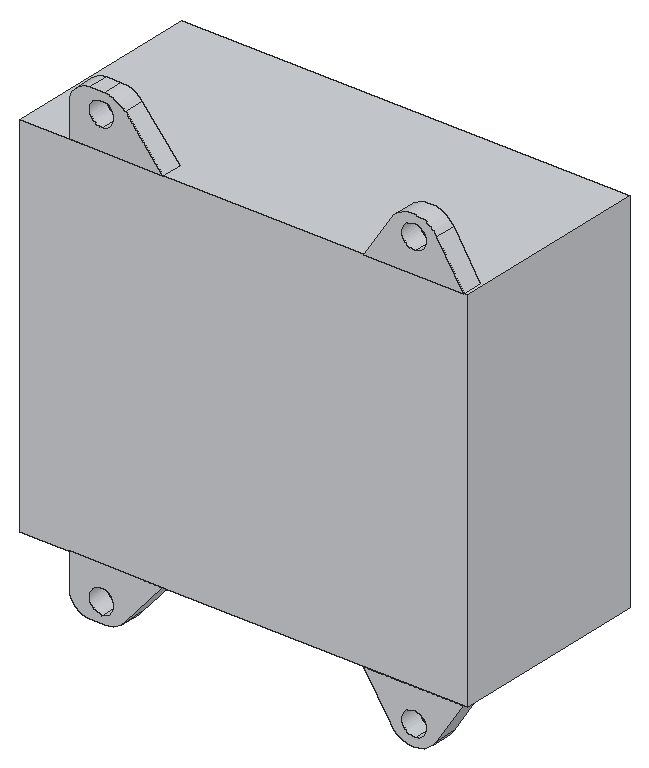
Revit family "Power-MouldedCaseDevices-GEWISS-97MSS-SWITCH_DISCONNECTOR_125", category Apparecchi elettrici, host Muro, Revit 2016
Family settings
  Host = Muro
  Mantenere orientamento annotazione = Sì
  Tipo di parte = Normale
  Quota connettore circolare = Usa diametro
  Numero OmniClass = 23.80.30.00
  Titolo OmniClass = Distribution Devices
  Sempre verticale = Sì
  Taglio con vuoti quando caricato = No
  Condiviso = No
  Punto di calcolo locali = Sì
Parameters (values of type "GW97726 - SWITCH DISCONNECTOR MSS 125 4P 125A")
  Version file RFA = "18.0"
  URL = "https://www.gewiss.com/ww/en"
  Technical sheet = "https://www.gewiss.com/ww/en/search?q=GW97726"
  SEO = "Disconnector"
  Realized by GEWISS S.p.A. = ""
  Rated voltage = "400V"
  Rated current: = "125A"
  Rated current (In) = "125A"
  Produttore = "GEWISS S.p.A."
  Number of poles = "4P"
  No. of poles = "4P"
  No. of modules EN 50022 = "6"
  No. Chorus modules = "6"
  Modello = "GW97726"
  Label = "MSS 125"
  Immagine tipo = GW97726.jpg
  IFC.TypeObject = ""
  IFC.ExportType = ""
  IFC.ExportAs = ""
  IDT = "bc1ed70b-553e-473f-adfe-2a6bdbceff6d"
  IDF = "0625bfaf-6454-4439-8049-c923d73cca22"
  GW - Codice Electrocod = "150"
  EAN code = "8011564211469"
  Descrizione = "SWITCH DISCONNECTOR MSS 125 4P 125A"
  Catalogue Range = "97 MSS"
  Catalogue = "POWER"
  COBie.Tagnumber = ""
  COBie.CreatedOn = ""
  COBie.CreatebBy = ""
  COBie.ComponentRegisterItemID = ""
  COBie.Component.TagNumber = ""
  COBie.Component.Space = ""
  COBie.Component.SerialNumber = ""
  COBie.Component.InstallationDate = ""
  COBie.Component.Description = ""
  COBie.Component.BarCode = ""
Types (6, lengths in mm): name | Technical sheet | Rated current: | Rated current (In) | Number of poles | No. of poles | Modello | Immagine tipo | IDT | EAN code | Descrizione
  GW97726 - SWITCH DISCONNECTOR MSS 125 4P 125A | "https://www.gewiss.com/ww/en/search?q=GW97726" | "125A" | "125A" | "4P" | "4P" | "GW97726" | GW97726.jpg | "bc1ed70b-553e-473f-adfe-2a6bdbceff6d" | "8011564211469" | "SWITCH DISCONNECTOR MSS 125 4P 125A"
  GW97725 - SWITCH DISCONNECTOR MSS 125 4P 100A | "https://www.gewiss.com/ww/en/search?q=GW97725" | "100A" | "100A" | "4P" | "4P" | "GW97725" | GW97725.jpg | "40ae9535-df2a-4de1-bcc8-9a2d033af5f8" | "8011564211452" | "SWITCH DISCONNECTOR MSS 125 4P 100A"
  GW97724 - SWITCH DISCONNECTOR MSS 125 4P 63A | "https://www.gewiss.com/ww/en/search?q=GW97724" | "63A" | "63A" | "4P" | "4P" | "GW97724" | GW97724.jpg | "344ce370-68d8-465c-a0d4-3dfd8e98e9c4" | "8011564211445" | "SWITCH DISCONNECTOR MSS 125 4P 63A"
  GW97723 - SWITCH DISCONNECTOR MSS 125 3P 125A | "https://www.gewiss.com/ww/en/search?q=GW97723" | "125A" | "125A" | "3P" | "3P" | "GW97723" | GW97723.jpg | "f9d9136c-2ff8-471a-a868-6f11316e34f0" | "8011564211438" | "SWITCH DISCONNECTOR MSS 125 3P 125A"
  GW97722 - SWITCH DISCONNECTOR MSS 125 3P 100A | "https://www.gewiss.com/ww/en/search?q=GW97722" | "100A" | "100A" | "3P" | "3P" | "GW97722" | GW97722.jpg | "4a5cea18-49f9-4ee8-8fed-4b723af5d4ef" | "8011564211421" | "SWITCH DISCONNECTOR MSS 125 3P 100A"
  GW97721 - SWITCH DISCONNECTOR MSS 125 3P 63A | "https://www.gewiss.com/ww/en/search?q=GW97721" | "63A" | "63A" | "3P" | "3P" | "GW97721" | GW97721.jpg | "67ddb0d2-a3c3-4936-a9b5-411216ac7c48" | "8011564211414" | "SWITCH DISCONNECTOR MSS 125 3P 63A"
Reference planes
  plane 1 "Muro": y = 0
  plane 2 "Centro (Sinistra/Destra)": x = 125
  plane 3 "Indietro": y = 75
Text (mm)
  text "Lato posizionamento" at (-1848.837, 1116.779, 0), in view "Livello rif."
  text "Lato posizionamento" at (0, 1409.804, 2854.306), in view "Sinistra"
  text "Lato posizionamento" at (0, 499.811, 2980.732), in view "Destra"
Dimensions and locks
  locked: plane 3 "Indietro" to host wall
  aligned and locked: plane 1 "Muro" to host wall
  aligned and locked: nested 1 to plane 2 "Centro (Sinistra/Destra)"
Nested families
  nested 1: "GENERICO -MSS125 SEZIONATORI ROTATIVI 125A" at (125, 75, 456.543) x (-1, 0, 0) z (0, 0, 1), type "GENERICO -MSS125 SEZIONATORI ROTATIVI 125A"
Definition of nested family "GENERICO -MSS125 SEZIONATORI ROTATIVI 125A"
  Parameters (values of type "GENERICO -MSS125 SEZIONATORI ROTATIVI 125A")
    h_barra din = if(Altezza barre = 1 mm, 69.9 mm, if(Altezza barre = 2 mm, 115.8 mm, 0 mm))  # 0 mm
    TIPO = 15
    Default Elevation = 1219.2 mm
    Type Image = element 34739
    IFC.TypeObject = ""
    IFC.ExportType = ""
    IFC.ExportAs = ""
    H = if(AB_O = 1, AB_V, if(AB_O = 2, AB_H, 50.8 mm))  # 50.8 mm
    GW96815 = TIPO = 15  # yes
    GW96814 = TIPO = 0  # no
    GW96813 = TIPO = 13  # no
    GW96810 = TIPO = 10  # no
    GW - Tipo = "Forma \"L\" 4P"
    GW - Installazione = "Piastra/guida DIN"
    GW - Descrizione = "BDR 160 FORMA \"L\" (MTX/E 160) 4P"
    GW - Costruttore = "GEWISS"
    GW - Codice Electrocod = "1511"
    GW - Codice = "GWD8245"
    GW - Catalogo = "POWER"
    GW - Caratteristiche = "Regolabile"
    GW - Adatto per = "MTX/E 160"
    GEWISS URL = "http://www.gewiss.com/prv/it_IT/index.html"
    GEWISS SCHEDA TECNICA = "http://pro.gewiss.com/irj/portal/?NavigationTarget=pcd:portal_content/com.gewiss.ZPPFDMain/com.gewiss.ZPPFDITMain/com.gewiss.ZPPFDITMainDefault/com.gewiss.ZPPFDITPages/com.gewiss.ZPPFDITPagesAP/com.gewiss.ZPPFDITPagesAPCatalogo/com.gewiss.ZPPPDITAPProductDetail&codProd=GWD8245"
    Dist barra din = 0 mm  # constant formula
    COBie.CreatedOn = ""
    COBie.CreatebBy = ""
    COBie.ComponentRegisterItemID = ""
    COBie.Component.TagNumber = ""
    COBie.Component.Space = ""
    COBie.Component.SerialNumber = ""
    COBie.Component.InstallationDate = ""
    COBie.Component.Description = ""
    COBie.Component.BarCode = ""
    C1 = 49 mm  # constant formula
    C = 50 mm  # constant formula
    B1 = 187 mm
    B = 89 mm  # constant formula
    Altezza barre = 5 mm  # constant formula
    AB_V = 3 mm  # constant formula
    AB_H = 5 mm  # constant formula
    AB_O = 0  # constant formula
    A2 = 120 mm  # constant formula
    A = 108 mm  # constant formula
  Reference planes
    plane 1 "Centro (Fronte/Retro)": y = 0
    plane 2: z = 0
    plane 3 "Centro (Sinistra/Destra)": x = 0
    plane 4: x = -54
    plane 5: x = 54
    plane 6: z = 119
    plane 7: z = 75
    plane 8 "C1": y = -49
    plane 9: y = -44
    plane 10: z = 30
    plane 11: y = -5
  Forms (mm)
    Extrusion 1, solid
      sketch origin (0, -25, 0) x (0, 0, 1) y (1, 0, 0)
        loop
          line (119, 54) -> (30, 54) -> (30, -54) -> (119, -54) -> (119, 54)
      from -24 to 25
    Extrusion 2, solid
      sketch origin (36.853, -49, -24.52) x (0, 0, 1) y (1, 0, 0)
        loop
          circle (100.454, -71.284) r 15
      from -3.053 to 5
    Extrusion 3, solid
      sketch origin (36.853, -49, -28.27) x (0, 0, 1) y (1, 0, 0)
        loop
          line (99.064, -62.185) -> (96.031, -65.246) -> (94.575, -67.987) -> (93.908, -72.128) -> (94.709, -75.966) -> (96.456, -78.905) -> (99.675, -81.575) -> (102.92, -82.754) -> (107.207, -82.754) -> (109.575, -82.009) -> (112.099, -80.465) -> (114.077, -78.383) -> (115.497, -75.765) -> (116.204, -72.48) -> (115.827, -68.848) -> (114.421, -65.719) -> (112.28, -63.288) -> (111.064, -62.552) -> (111.064, -19.801) -> (99.064, -19.801) -> (99.064, -62.185)
      from -6.808 to -3.053
    Extrusion 4, solid
      sketch origin (0, -49, 0) x (0, 0, 1) y (1, 0, 0)
        loop
          arc (129.032, -46.662) -> (132.112, -41.038) -> (129.032, -35.413) r 6.675
          line (129.032, -35.413) -> (119, -29.002) -> (119, -53.074) -> (129.032, -46.662)
        loop
          line (119, 19.457) -> (129.627, 28.479)
          arc (129.627, 28.479) -> (131.378, 30.782) -> (132, 33.608) r 6.727
          line (132, 33.608) -> (132, 37)
          arc (132, 37) -> (130.536, 40.536) -> (127, 42) r 5
          line (127, 42) -> (119, 42) -> (119, 19.457)
        loop
          circle (127.157, -41.227) r 2.958
        loop
          circle (127.218, 34.184) r 2.958
        loop
          line (19.968, -46.662) -> (30, -53.074) -> (30, -29.002) -> (19.968, -35.413)
          arc (19.968, -35.413) -> (16.888, -41.038) -> (19.968, -46.662) r 6.675
        loop
          line (30, 19.457) -> (30, 42) -> (22, 42)
          arc (22, 42) -> (18.464, 40.536) -> (17, 37) r 5
          line (17, 37) -> (17, 33.608)
          arc (17, 33.608) -> (17.622, 30.782) -> (19.373, 28.479) r 6.727
          line (19.373, 28.479) -> (30, 19.457)
        loop
          circle (21.843, -41.227) r 2.958
        loop
          circle (21.782, 34.184) r 2.958
      from 44 to 49
  Lines and regions (mm)
    model lines, detail levels fine
      curve 1: line (5.741, -49, 45.444) -> (5.741, -49, 37.806)
      curve 2: line (5.741, -49, 37.806) -> (3.182, -49, 37.806)
      curve 3: line (3.182, -49, 37.806) -> (1.699, -49, 37.993)
      curve 4: line (1.699, -49, 37.993) -> (-0.117, -49, 38.797)
      curve 5: line (-0.117, -49, 38.797) -> (-1.559, -49, 40.135)
      curve 6: line (-1.559, -49, 40.135) -> (-2.514, -49, 41.938)
      curve 7: line (-2.514, -49, 41.938) -> (-2.81, -49, 43.859)
      curve 8: line (-2.81, -49, 43.859) -> (-2.523, -49, 45.63)
      curve 9: line (-2.523, -49, 45.63) -> (-1.757, -49, 47.192)
      curve 10: line (-1.757, -49, 47.192) -> (-0.38, -49, 48.617)
      curve 11: line (-0.38, -49, 48.617) -> (1.284, -49, 49.483)
      curve 12: line (1.284, -49, 49.483) -> (3.157, -49, 49.791)
      curve 13: line (3.157, -49, 49.791) -> (5.741, -49, 49.791)
      curve 14: line (5.741, -49, 49.791) -> (5.741, -49, 46.498)
      curve 15: line (5.741, -49, 46.498) -> (1.395, -49, 46.498)
      curve 16: line (1.395, -49, 46.498) -> (1.395, -49, 41.099)
      curve 17: line (1.395, -49, 41.099) -> (2.453, -49, 41.099)
      curve 18: line (2.453, -49, 41.099) -> (2.453, -49, 45.444)
      curve 19: line (2.453, -49, 45.444) -> (5.741, -49, 45.444)
      curve 20: line (16.08, -49, 37.806) -> (6.796, -49, 37.806)
      curve 21: line (6.796, -49, 37.806) -> (6.796, -49, 49.791)
      curve 22: line (6.796, -49, 49.791) -> (11.734, -49, 49.791)
      curve 23: line (11.734, -49, 49.791) -> (11.734, -49, 46.499)
      curve 24: line (11.734, -49, 46.499) -> (10.086, -49, 46.499)
      curve 25: line (10.086, -49, 46.499) -> (10.086, -49, 45.446)
      curve 26: line (10.086, -49, 45.446) -> (16.08, -49, 45.446)
      curve 27: line (16.08, -49, 45.446) -> (16.08, -49, 42.152)
      curve 28: line (16.08, -49, 42.152) -> (10.088, -49, 42.152)
      curve 29: line (10.088, -49, 42.152) -> (10.088, -49, 41.099)
      curve 30: line (10.088, -49, 41.099) -> (16.08, -49, 41.099)
      curve 31: line (16.08, -49, 41.099) -> (16.08, -49, 37.806)
      curve 32: line (32.872, -49, 37.806) -> (32.872, -49, 45.445)
      curve 33: line (32.872, -49, 45.445) -> (29.58, -49, 45.445)
      curve 34: line (29.58, -49, 45.445) -> (29.58, -49, 37.806)
      curve 35: line (29.58, -49, 37.806) -> (32.872, -49, 37.806)
      curve 36: line (21.842, -49, 37.806) -> (22.83, -49, 42.745)
      curve 37: line (22.83, -49, 42.745) -> (23.818, -49, 37.806)
      curve 38: line (23.818, -49, 37.806) -> (27.11, -49, 37.806)
      curve 39: line (27.11, -49, 37.806) -> (29.152, -49, 46.498)
      curve 40: line (29.152, -49, 46.498) -> (32.872, -49, 46.498)
      curve 41: line (32.872, -49, 46.498) -> (32.872, -49, 49.791)
      curve 42: line (32.872, -49, 49.791) -> (26.551, -49, 49.791)
      curve 43: line (26.551, -49, 49.791) -> (25.365, -49, 44.721)
      curve 44: line (25.365, -49, 44.721) -> (24.542, -49, 49.791)
      curve 45: line (24.542, -49, 49.791) -> (21.118, -49, 49.791)
      curve 46: line (21.118, -49, 49.791) -> (20.295, -49, 44.721)
      curve 47: line (20.295, -49, 44.721) -> (19.109, -49, 49.791)
      curve 48: line (19.109, -49, 49.791) -> (12.788, -49, 49.791)
      curve 49: line (12.788, -49, 49.791) -> (12.788, -49, 46.498)
      curve 50: line (12.788, -49, 46.498) -> (16.508, -49, 46.498)
      curve 51: line (16.508, -49, 46.498) -> (18.545, -49, 37.806)
      curve 52: line (18.545, -49, 37.806) -> (21.842, -49, 37.806)
      curve 53: line (43.211, -49, 49.791) -> (33.926, -49, 49.791)
      curve 54: line (33.926, -49, 49.791) -> (33.926, -49, 42.153)
      curve 55: line (33.926, -49, 42.153) -> (39.919, -49, 42.153)
      curve 56: line (39.919, -49, 42.153) -> (39.919, -49, 41.099)
      curve 57: line (39.919, -49, 41.099) -> (33.926, -49, 41.099)
      curve 58: line (33.926, -49, 41.099) -> (33.926, -49, 37.806)
      curve 59: line (33.926, -49, 37.806) -> (43.211, -49, 37.806)
      curve 60: line (43.211, -49, 37.806) -> (43.211, -49, 45.445)
      curve 61: line (43.211, -49, 45.445) -> (37.219, -49, 45.445)
      curve 62: line (37.219, -49, 45.445) -> (37.219, -49, 46.498)
      curve 63: line (37.219, -49, 46.498) -> (43.211, -49, 46.498)
      curve 64: line (43.211, -49, 46.498) -> (43.211, -49, 49.791)
      curve 65: line (44.265, -49, 49.791) -> (44.265, -49, 42.153)
      curve 66: line (44.265, -49, 42.153) -> (49.853, -49, 42.153)
      curve 67: line (49.853, -49, 42.153) -> (49.853, -49, 41.099)
      curve 68: line (49.853, -49, 41.099) -> (44.265, -49, 41.099)
      curve 69: line (44.265, -49, 41.099) -> (44.265, -49, 37.806)
      curve 70: line (44.265, -49, 37.806) -> (47.557, -49, 37.806)
      curve 71: line (47.557, -49, 37.806) -> (49.459, -49, 38.417)
      curve 72: line (49.459, -49, 38.417) -> (50.686, -49, 39.217)
      curve 73: line (50.686, -49, 39.217) -> (52.091, -49, 40.941)
      curve 74: line (52.091, -49, 40.941) -> (52.745, -49, 42.875)
      curve 75: line (52.745, -49, 42.875) -> (52.764, -49, 44.592)
      curve 76: line (52.764, -49, 44.592) -> (52.586, -49, 45.445)
      curve 77: line (52.586, -49, 45.445) -> (47.557, -49, 45.445)
      curve 78: line (47.557, -49, 45.445) -> (47.557, -49, 46.498)
      curve 79: line (47.557, -49, 46.498) -> (52.137, -49, 46.498)
      curve 80: line (52.137, -49, 46.498) -> (51.542, -49, 47.494)
      curve 81: line (51.542, -49, 47.494) -> (50.686, -49, 48.381)
      curve 82: line (50.686, -49, 48.381) -> (49.494, -49, 49.164)
      curve 83: line (49.494, -49, 49.164) -> (48.249, -49, 49.62)
      curve 84: line (48.249, -49, 49.62) -> (46.849, -49, 49.791)
      curve 85: line (46.849, -49, 49.791) -> (44.265, -49, 49.791)
  Dimensions and locks
    equal spacing: plane 5, plane 3 "Centro (Sinistra/Destra)", plane 4
    "A": plane 5 to plane 4
    "C1": plane 8 "C1" to plane 1 "Centro (Fronte/Retro)"
    locked: plane 8 "C1" to plane 9 at 5
    plane 10 to level = 30 mm
    "B": plane 6 to plane 10
    locked: plane 7 to plane 10 at 45
    locked: plane 11 to plane 1 "Centro (Fronte/Retro)" at 5
    locked: Extrusion 2 to plane 8 "C1" at 3.053
    aligned and locked: level to plane 2
    aligned and locked: Extrusion 1 sketch curve to plane 4
    aligned and locked: plane 5 to Extrusion 1 sketch curve
    aligned and locked: plane 6 to Extrusion 1 sketch curve
    aligned and locked: Extrusion 1 to plane 8 "C1"
    aligned and locked: Extrusion 1 to plane 1 "Centro (Fronte/Retro)"
    aligned and locked: plane 10 to Extrusion 1 sketch curve
    aligned and locked: Extrusion 2 to plane 9
    aligned and locked: plane 11 to Extrusion 4
    aligned and locked: Extrusion 4 to plane 1 "Centro (Fronte/Retro)"
  Automatic sketch dimensions
    Extrusion 2 sketch curve to plane 7 = 0.934 mm
    Extrusion 2 sketch curve to plane 3 "Centro (Sinistra/Destra)" = 34.431 mm
    Extrusion 3 sketch curve to Extrusion 3 sketch curve = 0.667 mm
    Extrusion 3 sketch curve to Extrusion 3 sketch curve = 1.456 mm
    Extrusion 3 sketch curve to plane 3 "Centro (Sinistra/Destra)" = 42.052 mm
    Extrusion 3 sketch curve to Extrusion 3 sketch curve = 1.747 mm
    plane 7 to Extrusion 3 sketch curve = 4.206 mm
    Extrusion 3 sketch curve to plane 3 "Centro (Sinistra/Destra)" = 44.722 mm
    Extrusion 3 sketch curve to Extrusion 3 sketch curve = 3.219 mm
    Extrusion 3 sketch curve to plane 3 "Centro (Sinistra/Destra)" = 45.901 mm
    plane 7 to Extrusion 3 sketch curve = 0.35 mm
    Extrusion 3 sketch curve to plane 7 = 3.937 mm
    Extrusion 3 sketch curve to plane 3 "Centro (Sinistra/Destra)" = 45.156 mm
    Extrusion 3 sketch curve to Extrusion 3 sketch curve = 2.368 mm
    Extrusion 3 sketch curve to plane 7 = 7.794 mm
    Extrusion 3 sketch curve to plane 3 "Centro (Sinistra/Destra)" = 43.612 mm
    Extrusion 3 sketch curve to Extrusion 3 sketch curve = 2.523 mm
    Extrusion 3 sketch curve to Extrusion 3 sketch curve = 1.217 mm
    Extrusion 3 sketch curve to Extrusion 3 sketch curve = 1.978 mm
    Extrusion 3 sketch curve to Extrusion 3 sketch curve = 2.141 mm
    Extrusion 3 sketch curve to Extrusion 3 sketch curve = 1.42 mm
    Extrusion 3 sketch curve to Extrusion 3 sketch curve = 1.405 mm
    Extrusion 3 sketch curve to Extrusion 3 sketch curve = 0.707 mm
    Extrusion 3 sketch curve to Extrusion 3 sketch curve = 2.082 mm
    Extrusion 3 sketch curve to Extrusion 3 sketch curve = 2.618 mm
    Extrusion 3 sketch curve to Extrusion 3 sketch curve = 3.284 mm
    Extrusion 3 sketch curve to Extrusion 3 sketch curve = 3.838 mm
    Extrusion 3 sketch curve to Extrusion 3 sketch curve = 3.632 mm
    Extrusion 3 sketch curve to Extrusion 3 sketch curve = 4.141 mm
    Extrusion 3 sketch curve to Extrusion 3 sketch curve = 3.13 mm
    Extrusion 3 sketch curve to Extrusion 3 sketch curve = 2.741 mm
    Extrusion 3 sketch curve to Extrusion 3 sketch curve = 2.431 mm
    Extrusion 3 sketch curve to Extrusion 3 sketch curve = 0.736 mm
    Extrusion 3 sketch curve to Extrusion 3 sketch curve = 3.061 mm
    Extrusion 3 sketch curve to Extrusion 3 sketch curve = 6.464 mm
    Extrusion 3 sketch curve to Extrusion 3 sketch curve = 3.033 mm
    Extrusion 3 sketch curve to Extrusion 3 sketch curve = 2.94 mm
    Extrusion 3 sketch curve to Extrusion 3 sketch curve = 42.384 mm
    Extrusion 4 sketch curve to plane 10 = 0 mm  (x2)
    Extrusion 4 sketch curve to plane 6 = 0 mm  (x2)
    plane 10 to Extrusion 4 sketch curve = 6.273 mm
    plane 10 to Extrusion 4 sketch curve = 6.437 mm
    Extrusion 4 sketch curve to Extrusion 4 sketch curve = 1.727 mm
    Extrusion 4 sketch curve to Extrusion 4 sketch curve = 1.72 mm  (x2)
    Extrusion 4 sketch curve to Extrusion 4 sketch curve = 1.946 mm  (x2)
    Extrusion 4 sketch curve to Extrusion 4 sketch curve = 1.875 mm  (x4)
    Extrusion 4 sketch curve to Extrusion 4 sketch curve = 2.408 mm  (x2)
    Extrusion 4 sketch curve to Extrusion 4 sketch curve = 5 mm
    plane 6 to Extrusion 4 sketch curve = 6.273 mm
    plane 6 to Extrusion 4 sketch curve = 6.437 mm
    Extrusion 4 sketch curve to Extrusion 4 sketch curve = 8 mm
    Extrusion 4 sketch curve to Extrusion 4 sketch curve = 4.782 mm
    plane 4 to Extrusion 4 sketch curve = 0.926 mm  (x2)
    plane 4 to Extrusion 4 sketch curve = 7.338 mm  (x2)
    Extrusion 4 sketch curve to Extrusion 4 sketch curve = 5.435 mm  (x2)
    Extrusion 4 sketch curve to Extrusion 4 sketch curve = 0.189 mm  (x2)
    Extrusion 4 sketch curve to Extrusion 4 sketch curve = 6.412 mm  (x2)
    plane 3 "Centro (Sinistra/Destra)" to Extrusion 4 sketch curve = 19.457 mm  (x2)
    Extrusion 4 sketch curve to Extrusion 4 sketch curve = 9.023 mm  (x2)
    Extrusion 4 sketch curve to Extrusion 4 sketch curve = 0.577 mm  (x2)
    Extrusion 4 sketch curve to Extrusion 4 sketch curve = 3.392 mm
    Extrusion 4 sketch curve to Extrusion 4 sketch curve = 2.816 mm
    curve 21 to plane 10 = 7.806 mm
    curve 52 to curve 20 = 0 mm
    curve 39 to curve 36 = 0 mm
    curve 35 to curve 38 = 0 mm
    curve 58 to curve 32 = 0 mm
    curve 69 to curve 59 = 0 mm
    curve 20 to curve 1 = 0 mm
    plane 3 "Centro (Sinistra/Destra)" to curve 3 = 3.182 mm
    curve 1 to curve 3 = 0 mm
    plane 3 "Centro (Sinistra/Destra)" to curve 3 = 1.699 mm
    curve 3 to curve 3 = 0.187 mm
    curve 70 to curve 71 = 0.611 mm
    curve 5 to plane 3 "Centro (Sinistra/Destra)" = 0.117 mm
    curve 3 to curve 5 = 0.804 mm
    curve 72 to plane 5 = 3.314 mm
    curve 71 to curve 72 = 0.8 mm
    curve 5 to plane 3 "Centro (Sinistra/Destra)" = 1.559 mm
    curve 4 to curve 5 = 1.338 mm
    curve 73 to plane 5 = 1.909 mm
    curve 72 to curve 73 = 1.724 mm
    curve 4 to curve 16 = 2.302 mm
    curve 72 to curve 68 = 1.882 mm
    curve 56 to curve 68 = 0 mm
    curve 20 to curve 31 = 3.293 mm
    curve 7 to plane 3 "Centro (Sinistra/Destra)" = 2.514 mm
    curve 5 to curve 7 = 1.804 mm
    curve 30 to curve 27 = 1.053 mm
    curve 57 to curve 54 = 1.053 mm
    curve 68 to curve 65 = 1.053 mm
    curve 37 to curve 37 = 4.939 mm
    curve 75 to plane 5 = 1.255 mm
    curve 73 to curve 75 = 1.934 mm
    curve 7 to plane 3 "Centro (Sinistra/Destra)" = 2.81 mm
    curve 6 to curve 7 = 1.92 mm
    curve 76 to plane 5 = 1.236 mm
    curve 74 to curve 76 = 1.716 mm
    curve 36 to curve 47 = 1.976 mm
    curve 36 to curve 43 = 1.976 mm
    curve 17 to curve 18 = 4.346 mm
    curve 66 to curve 78 = 3.293 mm
    curve 55 to curve 61 = 3.293 mm
    curve 54 to curve 32 = 3.293 mm
    curve 28 to curve 25 = 3.294 mm
    curve 9 to plane 3 "Centro (Sinistra/Destra)" = 2.523 mm
    curve 7 to curve 9 = 1.772 mm
    curve 25 to curve 49 = 1.053 mm
    curve 77 to curve 79 = 1.053 mm
    curve 33 to curve 40 = 1.053 mm
    curve 18 to curve 16 = 1.054 mm
    curve 60 to curve 64 = 1.053 mm
    curve 25 to curve 25 = 1.053 mm
    curve 9 to plane 3 "Centro (Sinistra/Destra)" = 1.757 mm
    curve 8 to curve 9 = 1.562 mm
    curve 80 to plane 5 = 2.458 mm
    curve 79 to curve 80 = 0.995 mm
    curve 82 to plane 5 = 3.314 mm
    curve 80 to curve 82 = 0.887 mm
    curve 10 to plane 3 "Centro (Sinistra/Destra)" = 0.38 mm
    curve 9 to curve 10 = 1.425 mm
    curve 82 to plane 5 = 4.506 mm
    curve 81 to curve 82 = 0.783 mm
    plane 3 "Centro (Sinistra/Destra)" to curve 11 = 1.284 mm
    curve 10 to curve 11 = 0.866 mm
    curve 84 to plane 5 = 5.751 mm
    curve 82 to curve 84 = 0.456 mm
    plane 3 "Centro (Sinistra/Destra)" to curve 12 = 3.157 mm
    curve 11 to curve 12 = 0.308 mm
    curve 21 to curve 13 = 0 mm
    curve 63 to curve 65 = 3.293 mm
    curve 64 to curve 65 = 0 mm
    curve 41 to curve 53 = 0 mm
    curve 49 to curve 22 = 0 mm
    curve 46 to curve 47 = 0 mm
    plane 3 "Centro (Sinistra/Destra)" to curve 16 = 1.395 mm
    curve 15 to curve 18 = 1.058 mm
    curve 18 to curve 15 = 3.288 mm
    curve 1 to curve 14 = 0 mm
    curve 13 to curve 22 = 1.054 mm
    curve 14 to curve 25 = 4.344 mm
    curve 25 to curve 29 = 0.003 mm
    curve 24 to curve 23 = 1.649 mm
    curve 23 to curve 49 = 1.053 mm
    curve 49 to curve 27 = 3.292 mm
    curve 27 to curve 31 = 0 mm
    curve 26 to curve 51 = 0.429 mm
    curve 20 to curve 51 = 2.465 mm
    curve 50 to curve 48 = 2.601 mm
    curve 50 to curve 46 = 3.786 mm
    curve 47 to curve 46 = 2.009 mm
    curve 51 to curve 52 = 3.297 mm
    curve 46 to curve 37 = 2.535 mm
    curve 36 to curve 37 = 1.976 mm
    curve 45 to curve 44 = 3.424 mm
    curve 36 to curve 44 = 2.535 mm
    curve 44 to curve 42 = 2.008 mm
    curve 37 to curve 38 = 3.293 mm
    curve 43 to curve 40 = 3.786 mm
    curve 39 to curve 34 = 0.428 mm
    curve 33 to curve 41 = 3.293 mm
    curve 34 to curve 35 = 3.293 mm
    curve 32 to curve 59 = 1.054 mm
    curve 41 to curve 53 = 1.054 mm
    curve 32 to curve 61 = 4.346 mm
    curve 61 to curve 55 = 2.7 mm
    curve 55 to curve 60 = 3.293 mm
    curve 60 to curve 53 = 0 mm
    curve 53 to curve 65 = 1.054 mm
    curve 59 to curve 70 = 1.054 mm
    curve 84 to curve 83 = 1.4 mm
    curve 69 to curve 70 = 3.293 mm
    curve 78 to curve 82 = 1.936 mm
    curve 72 to curve 72 = 1.227 mm
    curve 67 to curve 73 = 2.238 mm
    curve 80 to curve 79 = 0.595 mm
    curve 76 to curve 75 = 0.178 mm
    radius of Extrusion 2 sketch curve = 15 mm
    radius of Extrusion 4 sketch curve = 2.958 mm  (x4)
